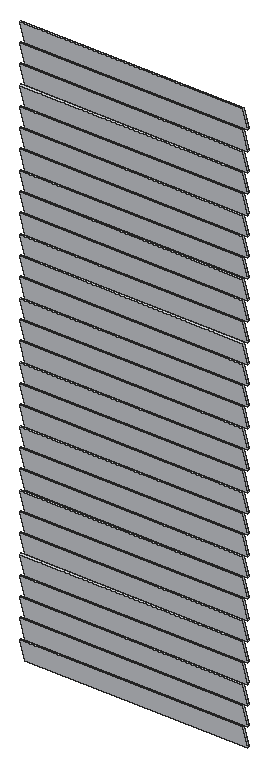
Revit family
Parameters
  Material = Aluminum
  Blade Count = 30
  Louver Height = 2000 mm
  Blade Width = 800 mm
  Blade Distance = (Louver Height - 70.7 mm + Blade Depth * (sin(Blade Angle) - cos(Blade Angle))) / (Blade Count - 1)  # 68.478 mm
  Blade Depth = 80 mm
  Blade Angle = 75.00°
Reference planes
  plane 1 "Center (Front/Back)": y = 0
  plane 2: z = 0
  plane 3 "Center (Left/Right)": x = 0
Lines and regions (mm)
  reference lines, not visible
    curve 1: line (0, 920, 0) -> (0, -1080, 0)
    curve 2: line (-1351.99, 0, 0) -> (1228.01, 0, 0)
Dimensions and locks
  equal spacing: group 1, group 2, group 3, group 4, group 5, group 6, group 7, group 8, group 9, group 10, group 11, group 12, group 13, group 14, group 15, group 16, group 17, group 18, group 19, group 20, group 21, group 22, group 23, group 24, group 25, group 26, group 27, group 28, group 29, group 30  (x3)
  "Blade Distance": nested 2 to nested 1
  aligned and locked: level to curve 1
  aligned and locked: level to curve 2
Automatic sketch dimensions
  plane 1 "Center (Front/Back)" to curve 1 = 1080 mm
  curve 1 to plane 1 "Center (Front/Back)" = 920 mm
  curve 2 to plane 3 "Center (Left/Right)" = 1351.99 mm
  plane 3 "Center (Left/Right)" to curve 2 = 1228.01 mm
  curve 2 to level = 0 mm
Nested families
  nested 1: "louver_blade" at (0, 0, 56.54), type "louver_blade"
    with HalfBW 400 mm, Blade Width 800 mm
  nested 2: "louver_blade" at (0, 0, 125.018), type "louver_blade"
    with HalfBW 400 mm, Blade Width 800 mm
  nested 3: "louver_blade" at (0, 0, 193.496), type "louver_blade"
    with HalfBW 400 mm, Blade Width 800 mm
  nested 4: "louver_blade" at (0, 0, 261.974), type "louver_blade"
    with HalfBW 400 mm, Blade Width 800 mm
  nested 5: "louver_blade" at (0, 0, 330.452), type "louver_blade"
    with HalfBW 400 mm, Blade Width 800 mm
  nested 6: "louver_blade" at (0, 0, 398.931), type "louver_blade"
    with HalfBW 400 mm, Blade Width 800 mm
  nested 7: "louver_blade" at (0, 0, 467.409), type "louver_blade"
    with HalfBW 400 mm, Blade Width 800 mm
  nested 8: "louver_blade" at (0, 0, 535.887), type "louver_blade"
    with HalfBW 400 mm, Blade Width 800 mm
  nested 9: "louver_blade" at (0, 0, 604.365), type "louver_blade"
    with HalfBW 400 mm, Blade Width 800 mm
  nested 10: "louver_blade" at (0, 0, 672.844), type "louver_blade"
    with HalfBW 400 mm, Blade Width 800 mm
  nested 11: "louver_blade" at (0, 0, 741.322), type "louver_blade"
    with HalfBW 400 mm, Blade Width 800 mm
  nested 12: "louver_blade" at (0, 0, 809.8), type "louver_blade"
    with HalfBW 400 mm, Blade Width 800 mm
  nested 13: "louver_blade" at (0, 0, 878.278), type "louver_blade"
    with HalfBW 400 mm, Blade Width 800 mm
  nested 14: "louver_blade" at (0, 0, 946.757), type "louver_blade"
    with HalfBW 400 mm, Blade Width 800 mm
  nested 15: "louver_blade" at (0, 0, 1015.235), type "louver_blade"
    with HalfBW 400 mm, Blade Width 800 mm
  nested 16: "louver_blade" at (0, 0, 1083.713), type "louver_blade"
    with HalfBW 400 mm, Blade Width 800 mm
  nested 17: "louver_blade" at (0, 0, 1152.191), type "louver_blade"
    with HalfBW 400 mm, Blade Width 800 mm
  nested 18: "louver_blade" at (0, 0, 1220.669), type "louver_blade"
    with HalfBW 400 mm, Blade Width 800 mm
  nested 19: "louver_blade" at (0, 0, 1289.148), type "louver_blade"
    with HalfBW 400 mm, Blade Width 800 mm
  nested 20: "louver_blade" at (0, 0, 1357.626), type "louver_blade"
    with HalfBW 400 mm, Blade Width 800 mm
  nested 21: "louver_blade" at (0, 0, 1426.104), type "louver_blade"
    with HalfBW 400 mm, Blade Width 800 mm
  nested 22: "louver_blade" at (0, 0, 1494.582), type "louver_blade"
    with HalfBW 400 mm, Blade Width 800 mm
  nested 23: "louver_blade" at (0, 0, 1563.061), type "louver_blade"
    with HalfBW 400 mm, Blade Width 800 mm
  nested 24: "louver_blade" at (0, 0, 1631.539), type "louver_blade"
    with HalfBW 400 mm, Blade Width 800 mm
  nested 25: "louver_blade" at (0, 0, 1700.017), type "louver_blade"
    with HalfBW 400 mm, Blade Width 800 mm
  nested 26: "louver_blade" at (0, 0, 1768.495), type "louver_blade"
    with HalfBW 400 mm, Blade Width 800 mm
  nested 27: "louver_blade" at (0, 0, 1836.973), type "louver_blade"
    with HalfBW 400 mm, Blade Width 800 mm
  nested 28: "louver_blade" at (0, 0, 1905.452), type "louver_blade"
    with HalfBW 400 mm, Blade Width 800 mm
  nested 29: "louver_blade" at (0, 0, 1973.93), type "louver_blade"
    with HalfBW 400 mm, Blade Width 800 mm
  nested 30: "louver_blade" at (0, 0, 2042.408), type "louver_blade"
    with HalfBW 400 mm, Blade Width 800 mm
Definition of nested family "louver_blade"
  Parameters
    Material = Aluminum
    HalfBW = Blade Width / 2  # 300 mm
    Blade Width = 600 mm
    Blade Depth = 80 mm
    Calculated Angle = if(Angle < 10.00°, 10.00°, if(Angle > 80.00°, 80.00°, Angle))  # 75.00°
    Angle = 75.00°
  Reference planes
    plane 1 "Center (Front/Back)": y = 0
    plane 2: z = 0
    plane 3 "Center (Left/Right)": x = 0
    plane 4 "Blade Plan": through (0, 7.886, -36.137) normal (0, 0.9659, 0.2588)
    plane 5: x = -300
    plane 6: x = 300
  Forms (mm)
    Extrusion 1, solid
      sketch origin (0, 7.886, -36.137) x (0, 0.258819, -0.965926) y (-1, 0, 0)
        loop
          line (0, 300) -> (-80, 300) -> (-80, -300) -> (0, -300) -> (0, 300)
      from 0 to 5
  Lines and regions (mm)
    reference lines, not visible
      curve 1: line (0, 1700, 0) -> (0, -2300, 0)
  Dimensions and locks
    "Blade Depth": Extrusion 1 to Extrusion 1
    Extrusion 1 sketch curve to plane 3 "Center (Left/Right)" to Extrusion 1 sketch curve = 300 mm, 300 mm
    "HalfBW": plane 5 to plane 3 "Center (Left/Right)"
    "HalfBW": plane 6 to plane 3 "Center (Left/Right)"
    "Calculated Angle": angle level to plane 4 "Blade Plan"
    aligned and locked: plane 5 to Extrusion 1
    aligned and locked: Extrusion 1 to plane 6
  Automatic sketch dimensions
    Extrusion 1 sketch curve to Extrusion 1 sketch curve = 80 mm
    plane 1 "Center (Front/Back)" to curve 1 = 2300 mm
    curve 1 to plane 1 "Center (Front/Back)" = 1700 mm
    curve 1 to level = 0 mm
